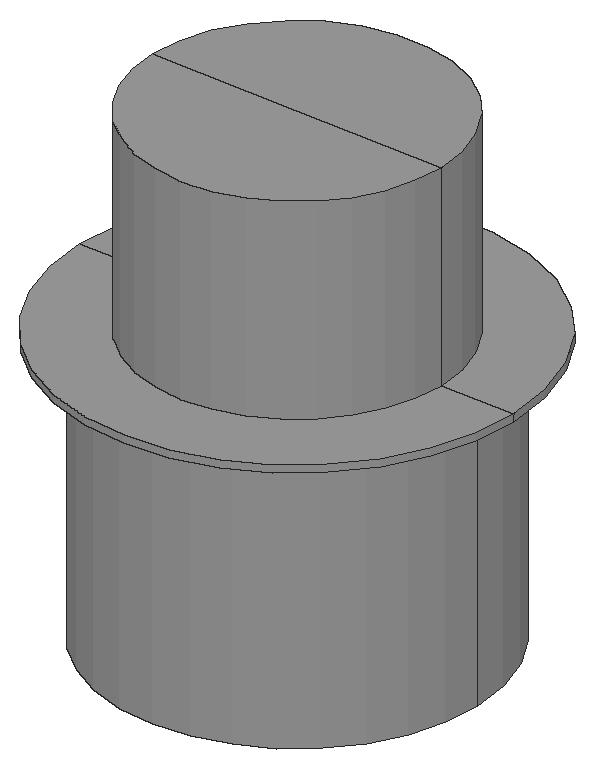
Revit family "Sunflower 600", category Lighting Fixtures, Revit 2017
Family settings
  Round Connector Dimension = Use Diameter
  Part Type = Normal
  OmniClass Number = 23.80.70.00
  OmniClass Title = Lighting
  Work Plane-Based = No
  Always vertical = Yes
  Cut with Voids When Loaded = No
  Light Source = Yes
  Shared = No
  Room Calculation Point = No
Parameters
  Wattage = 6.7321 W
  built-in parameter 1150110 = 1 (stored number, unit not read)
  URL = "https://www.davidtrubridge.com"
  Type Comments = "Base and lamp NOT supplied, for reference only"
  built-in parameter 1114217 = 1 (stored number, unit not read)
  built-in parameter 1150109 = 1 (stored number, unit not read)
  built-in parameter 1150134 = (empty or 0)
  built-in parameter 1150113 = 1 (stored number, unit not read)
  Stem Height [instance] = 640 mm
  Model = ""
  Manufacturer = "David Trubridge"
  Lumens = 1000 lm
  built-in parameter 1150115 = 1 (stored number, unit not read)
  built-in parameter 1150105 = 79.577 (stored number, unit not read)
  Light Source Symbol Size = 100 mm
  built-in parameter 1150137 = (empty or 0)
  built-in parameter 1150139 = (empty or 0)
  built-in parameter 1150112 = 1 (stored number, unit not read)
  built-in parameter 1150114 = 1 (stored number, unit not read)
  built-in parameter 1150132 = 2
  built-in parameter 1150102 = (empty or 0)
  built-in parameter 1150138 = (empty or 0)
  built-in parameter 1150107 = 3000 (stored number, unit not read)
  built-in parameter 1150106 = 0.79577 (stored number, unit not read)
  built-in parameter 1150104 = 13.8 (stored number, unit not read)
  Dimming Lamp Color Temperature Shift = (empty or 0)
  Description = "Lamp shade comes in a large range of colours"
  Color Filter = 16777215
  Base height [instance] = 415 mm
  Base colour [instance] = Default
  Base Diameter [instance] = 140 mm
  built-in parameter 1114218 = 1 (stored number, unit not read)
  built-in parameter 1150133 = 10 (stored number, unit not read)
Reference planes
  plane 1 "Light Source Axis (F/B)": y = 0
  plane 2 "Floor": z = -370
  plane 3 "Light Source Axis (L/R)": x = 0
  plane 4 "Light Source Elevation": z = 1130
  plane 5 "ceiling": z = 2610
  plane 6 "Bottom of shade": z = 830
  plane 7: x = 300
  plane 8: x = -300
  plane 9 "top of shade": z = 1430
Forms (mm)
  Revolve 1, solid, material "Default" <- "Base colour", not visible
    sketch origin (0, 0, 0) x (1, 0, 0) y (0, 0, 1)
      loop
        line (0.027, 250) -> (25.027, 250) -> (25.027, 287) -> (30.027, 287) -> (30.027, 288) -> (20.027, 288) -> (20.027, 315) -> (0.027, 315) -> (0.027, 250)
      axis (0.027, 315) -> (0.027, 250)
    angle from 0 to 360
Dimensions and locks
  plane 8 to plane 7 = 600 mm
  aligned and locked: plane 3 "Light Source Axis (L/R)" to imposter light
  aligned and locked: plane 1 "Light Source Axis (F/B)" to imposter light
  aligned and locked: plane 4 "Light Source Elevation" to imposter light
